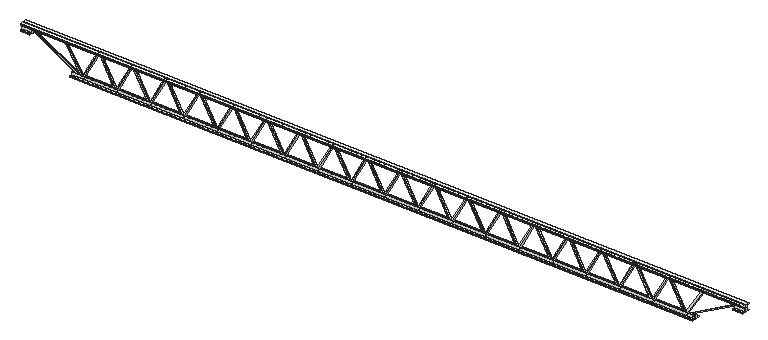
Revit family
Parameters (values of type "12K1")
  Start Offset [instance] = 0 mm
  M = 7.4
  Web Thickness = 9.5 mm
  Seat Length = 100 mm
  Seat Depth = 63.5 mm
  Rendering Material = Metal - Steel - 345 MPa
  PanelWidth [instance] = Depth * 1.155  # 352.275 mm
  PanelArrayNum [instance] = PanelArrayLength / PanelWidth  # 18
  PanelArrayLength [instance] = Length - (2 * End Panel)  # 6180 mm
  Panel [instance] = PanelArrayLength / PanelArrayNum  # 343.333 mm
  Start Extension [instance] = 0 mm
  Keynote = "G10"
  End Panel = 2 * Depth  # 610 mm
  End Offset [instance] = 0 mm
  End Extension [instance] = 0 mm
  Cord Leg = 32 mm
  Chord Thickness = 6.5 mm
  Assembly Code = ""
  Length [instance] = 7400 mm
  Depth = 305 mm
Types (3, lengths in mm): name | M | Rendering Material | PanelWidth | PanelArrayNum | PanelArrayLength | Panel | End Panel | Depth
  (no name) | 7.4 | Metal - Steel - 345 MPa | 352.275 | 18 | 6180 | 343.333 | 610 | 305
  12K1 | 7.4 | Metal - Steel - 345 MPa | 352.275 | 18 | 6180 | 343.333 | 610 | 305
  8K1 | 7.6 | none | 234.465 | 28 | 6588 | 235.286 | 406 | 203
Reference planes
  plane 1 "Center (Front/Back)": y = 0
  plane 2: z = 0
  plane 3 "Center (Left/Right)": x = 4.61
  plane 4 "Member Left": x = -2027.39
  plane 5 "Member Right": x = 2036.61
  plane 6: y = 36.75
  plane 7: y = -36.75
  plane 8: z = 152.5
  plane 9: z = -152.5
  plane 10 "Left": x = -3695.39
  plane 11 "Stick Symbol Left": x = -1976.59
  plane 12 "Stick Symbol Right": x = 1985.81
  plane 13 "Right": x = 3704.61
  plane 14: z = 89
  plane 15: x = -3695.39
  plane 16: x = -3595.39
  plane 17: x = -3085.39
  plane 18: x = -3185.39
  plane 19: x = 3704.61
  plane 20: x = 3604.61
  plane 21: x = 3094.61
  plane 22: y = 4.75
  plane 23: y = -4.75
  plane 24: z = 120.5
  plane 25: z = -120.5
  plane 26: x = 3194.61
  plane 27: x = -3257.057
  plane 28: x = -2913.723
  plane 29: x = 2922.943
  plane 30: x = 3266.277
  plane 31: z = -146.15
  plane 32: z = 146.15
  plane 33: z = 82.55
  plane 34: x = -3695.39
  plane 35: x = 3704.61
Forms (mm)
  Extrusion 1, solid, material "Metal - Steel - 345 MPa" <- "Rendering Material", detail levels medium+fine
    sketch origin (4.61, 0, 0) x (0, 1, 0) y (0, 0, 1)
      loop
        line (36.75, 152.5) -> (4.75, 152.5) -> (4.75, 120.5) -> (11.25, 120.5) -> (11.25, 146) -> (36.75, 146) -> (36.75, 152.5)
      loop
        line (-36.75, 152.5) -> (-36.75, 146) -> (-11.25, 146) -> (-11.25, 120.5) -> (-4.75, 120.5) -> (-4.75, 152.5) -> (-36.75, 152.5)
    from -3700 to 3700
  Extrusion 2, solid, material "Metal - Steel - 345 MPa" <- "Rendering Material", detail levels medium+fine
    sketch origin (4.61, 0, 0) x (0, 1, 0) y (0, 0, 1)
      loop
        line (4.75, -120.5) -> (4.75, -152.5) -> (36.75, -152.5) -> (36.75, -146) -> (11.25, -146) -> (11.25, -120.5) -> (4.75, -120.5)
      loop
        line (-4.75, -120.5) -> (-11.25, -120.5) -> (-11.25, -146) -> (-36.75, -146) -> (-36.75, -152.5) -> (-4.75, -152.5) -> (-4.75, -120.5)
    from -3190 to 3190
  Extrusion 3, solid, material "Metal - Steel - 345 MPa" <- "Rendering Material", detail levels medium+fine
    sketch origin (4.61, 0, 0) x (0, 1, 0) y (0, 0, 1)
      loop
        line (36.75, 89) -> (36.75, 95.5) -> (11.25, 95.5) -> (11.25, 120.5) -> (4.75, 120.5) -> (4.75, 89) -> (36.75, 89)
      loop
        line (-36.75, 89) -> (-4.75, 89) -> (-4.75, 120.5) -> (-11.25, 120.5) -> (-11.25, 95.5) -> (-36.75, 95.5) -> (-36.75, 89)
    from 3600 to 3700
  Extrusion 4, solid, material "Metal - Steel - 345 MPa" <- "Rendering Material", detail levels medium+fine
    sketch origin (4.61, 0, 0) x (0, 1, 0) y (0, 0, 1)
      loop
        line (-36.75, 89) -> (-4.75, 89) -> (-4.75, 120.5) -> (-11.25, 120.5) -> (-11.25, 95.5) -> (-36.75, 95.5) -> (-36.75, 89)
      loop
        line (4.75, 89) -> (36.75, 89) -> (36.75, 95.5) -> (11.25, 95.5) -> (11.25, 120.5) -> (4.75, 120.5) -> (4.75, 89)
    from -3700 to -3600
  Sweep 5, solid, material "Metal - Steel - 345 MPa" <- "Rendering Material", detail levels fine
    path origin (0, 0, 0) x (1, 0, 0) y (0, 0, 1)
      loop
        line (-3277.014, 133.45) -> (-3264.314, 133.45) -> (-3085.39, -146.15)
    profile origin (-3270.664, 0, 133.45) x (0, 0, 1) y (0, -1, 0)
      loop
        line (10.007, -4.763) -> (10.007, 0) -> (-9.043, 0) -> (-9.043, -4.763) -> (10.007, -4.763)
  Sweep 6, solid, material "Metal - Steel - 345 MPa" <- "Rendering Material", detail levels fine
    path origin (0, 0, 0) x (1, 0, 0) y (0, 0, 1)
      loop
        line (-3085.39, -146.15) -> (-3595.39, 120.5) -> (-3695.39, 120.5)
    profile "Web-Profile1 : Web-Profile1" origin (-3645.39, 0, 120.5) x (0, 0, -1) y (0, -1, 0)
      loop
        line (-4.75, 4.75) -> (-4.75, -4.75) -> (4.75, -4.75) -> (4.75, 4.75) -> (-4.75, 4.75)
  Sweep 7, solid, material "Metal - Steel - 345 MPa" <- "Rendering Material", detail levels fine
    path origin (0, 0, 0) x (1, 0, 0) y (0, 0, 1)
      loop
        line (3604.61, 120.5) -> (3094.61, -146.15)
    profile "Web-Profile1 : Web-Profile1" origin (3349.61, 0, -12.825) x (0.463335, 0, -0.886183) y (0, -1, 0)
      loop
        line (-4.75, 4.75) -> (-4.75, -4.75) -> (4.75, -4.75) -> (4.75, 4.75) -> (-4.75, 4.75)
  Sweep 8, solid, material "Metal - Steel - 345 MPa" <- "Rendering Material", detail levels fine
    path origin (0, 0, 0) x (1, 0, 0) y (0, 0, 1)
      loop
        line (3266.277, 120.5) -> (3094.61, -146.15)
    profile origin (3180.443, 0, -12.825) x (0.840821, 0, -0.541313) y (0, -1, 0)
      loop
        line (-10.565, 0) -> (-10.565, -4.763) -> (8.485, -4.763) -> (8.485, 0) -> (-10.565, 0)
Lines and regions (mm)
  symbolic lines, style "StructuralFraming", detail levels coarse
    curve 1: line (0, 36.75, 152.5) -> (0, 4.75, 152.5)
    curve 2: line (0, -36.75, -152.5) -> (0, -4.75, -152.5)
    curve 14: line (0, 4.75, -152.5) -> (0, 36.75, -152.5)
    curve 15: line (4.61, 4.75, -152.5) -> (4.61, 4.75, -120.5)
    curve 16: line (4.61, -4.75, -152.5) -> (4.61, -4.75, -120.5)
    curve 17: line (4.61, -4.75, 152.5) -> (4.61, -4.75, 120.5)
    curve 18: line (4.61, 4.75, 152.5) -> (4.61, 4.75, 120.5)
    curve 19: line (0, -4.75, 152.5) -> (0, -36.75, 152.5)
  symbolic lines, style "StructuralFraming", detail levels coarse+medium
    curve 3: line (0, 0, -152.5) -> (0, 0, 152.5)
  reference lines
    curve 4: line (-1876.59, 0, -276.008) -> (-1876.59, 0, 232.192)
    curve 5: line (-1266.59, 0, -282.358) -> (-1266.59, 0, 232.192)
    curve 7: line (1885.81, 0, -223.088) -> (1885.81, 0, 234.312)
    curve 8: line (1275.81, 0, -350.088) -> (1275.81, 0, 234.312)
  model lines, style "Web Joist", detail levels coarse
    curve 6: line (-1876.59, 0, 152.5) -> (-1266.59, 0, -152.5)
    curve 9: line (1885.81, 0, 152.5) -> (1275.81, 0, -152.5)
    curve 10: line (1275.81, 0, -152.5) -> (-1266.59, 0, -152.5)
    curve 11: line (1985.81, 0, 152.5) -> (-1976.59, 0, 152.5)
  model lines, style "StructuralFraming", detail levels medium
    curve 12: line (-3085.39, 0, -146.15) -> (-3256.027, 0, 120.5)
    curve 13: line (3266.277, 0, 120.5) -> (3094.61, 0, -146.15)
  symbolic lines, detail levels fine
    curve 20: line (4.61, 4.75, 146.15) -> (4.61, -4.75, 146.15)
    curve 21: line (4.61, 4.75, -146.15) -> (4.61, -4.75, -146.15)
    curve 22: line (4.61, 4.75, -120.5) -> (4.61, 4.75, 120.5)
    curve 23: line (4.61, -4.75, -120.5) -> (4.61, -4.75, 120.5)
  model lines, detail levels medium
    curve 24: line (3604.61, 0, 120.5) -> (3094.61, 0, -146.15)
    curve 25: line (-3595.39, 0, 120.5) -> (-3085.39, 0, -146.15)
Dimensions and locks
  equal spacing: plane 9, plane 2, plane 8
  "Length": plane 10 "Left" to plane 13 "Right"
  equal spacing: plane 10 "Left", plane 3 "Center (Left/Right)", plane 13 "Right"
  "Seat Length": curve 4 to plane 11 "Stick Symbol Left"
  "End Panel": curve 5 to curve 4
  "Seat Length": curve 7 to plane 12 "Stick Symbol Right"
  "End Panel": curve 7 to curve 8
  "Depth": plane 9 to plane 8
  "Seat Depth": plane 8 to plane 14
  locked: plane 18 to plane 17 at 100
  "End Panel": plane 10 "Left" to plane 17
  "End Panel": plane 13 "Right" to plane 21
  "Web Thickness": plane 22 to plane 23
  equal spacing: plane 22, plane 1 "Center (Front/Back)", plane 23
  "Cord Leg": plane 23 to plane 7
  "Cord Leg": plane 6 to plane 22
  "Cord Leg": plane 9 to plane 25
  "Cord Leg": plane 24 to plane 8
  "Chord Thickness": plane 8 to Extrusion 1 sketch curve
  "Chord Thickness": Extrusion 1 sketch curve to plane 8
  "Chord Thickness": plane 23 to Extrusion 1 sketch curve
  "Chord Thickness": Extrusion 1 sketch curve to plane 22
  "Chord Thickness": plane 9 to Extrusion 2 sketch curve  (x2)
  "Chord Thickness": Extrusion 2 sketch curve to plane 22
  "Chord Thickness": plane 23 to Extrusion 2 sketch curve
  locked: plane 21 to plane 26 at 100
  "Chord Thickness": plane 14 to Extrusion 3 sketch curve  (x2)
  "Chord Thickness": plane 23 to Extrusion 3 sketch curve
  "Chord Thickness": Extrusion 3 sketch curve to plane 22
  "Chord Thickness": plane 14 to Extrusion 4 sketch curve  (x2)
  "Chord Thickness": Extrusion 4 sketch curve to plane 22
  "Chord Thickness": plane 23 to Extrusion 4 sketch curve
  "Panel": plane 28 to plane 27
  equal spacing: plane 28, plane 17, plane 27
  "Panel": plane 29 to plane 30
  equal spacing: plane 29, plane 21, plane 30
  equal spacing: Sweep 5 sketch curve, curve 4, Sweep 5 sketch curve
  Sweep 5 sketch curve to Sweep 5 sketch curve = 4.763 mm
  locked: plane 31 to plane 9 at 6.35
  locked: plane 8 to plane 32 at 6.35
  locked: plane 8 to Sweep 5 sketch curve at 19.05
  equal spacing: group 1, group 3, group 4, group 5, group 6, group 7, group 8, group 9, group 10, group 11, group 12, group 13, group 14, group 15, group 16, group 17, group 18, group 2  (x3)
  "Seat Length": plane 34 to plane 16
  "Start Offset": plane 10 "Left" to plane 34
  "Start Extension": plane 15 to plane 34
  "End Offset": plane 35 to plane 13 "Right"
  "Seat Length": plane 35 to plane 20
  "End Extension": plane 35 to plane 19
  aligned and locked: curve 10 to plane 9
  aligned and locked: curve 4 to curve 6
  aligned and locked: plane 11 "Stick Symbol Left" to curve 11
  aligned and locked: plane 12 "Stick Symbol Right" to curve 11
  aligned and locked: curve 8 to curve 10
  aligned and locked: plane 8 to Extrusion 1 sketch curve
  aligned and locked: Extrusion 1 sketch curve to plane 8
  aligned and locked: plane 6 to Extrusion 1 sketch curve
  aligned and locked: plane 7 to Extrusion 1 sketch curve
  aligned and locked: Extrusion 1 sketch curve to plane 24
  aligned and locked: plane 24 to Extrusion 1 sketch curve
  aligned and locked: plane 19 to Extrusion 1
  aligned and locked: plane 15 to Extrusion 1
  aligned and locked: plane 9 to Extrusion 2 sketch curve
  aligned and locked: Extrusion 2 sketch curve to plane 9
  aligned and locked: plane 6 to Extrusion 2 sketch curve
  aligned and locked: plane 7 to Extrusion 2 sketch curve
  aligned and locked: Extrusion 2 sketch curve to plane 22
  aligned and locked: Extrusion 2 sketch curve to plane 23
  aligned and locked: Extrusion 2 sketch curve to plane 25
  aligned and locked: plane 25 to Extrusion 2 sketch curve
  aligned and locked: Extrusion 2 to plane 26
  aligned and locked: plane 18 to Extrusion 2
  aligned and locked: Extrusion 3 sketch curve to plane 7
  aligned and locked: plane 14 to Extrusion 3 sketch curve
  aligned and locked: Extrusion 3 sketch curve to plane 14
  aligned and locked: Extrusion 3 sketch curve to plane 6
  aligned and locked: Extrusion 3 sketch curve to plane 23
  aligned and locked: Extrusion 3 sketch curve to plane 22
  aligned and locked: Extrusion 3 sketch curve to plane 24
  aligned and locked: plane 24 to Extrusion 3 sketch curve
  aligned and locked: plane 19 to Extrusion 3
  aligned and locked: Extrusion 3 to plane 20
  aligned and locked: plane 6 to Extrusion 4 sketch curve
  aligned and locked: Extrusion 4 sketch curve to plane 7
  aligned and locked: Extrusion 4 sketch curve to plane 22
  aligned and locked: plane 23 to Extrusion 4 sketch curve
  aligned and locked: plane 24 to Extrusion 4 sketch curve  (x2)
  aligned and locked: Extrusion 4 sketch curve to plane 14  (x2)
  aligned and locked: plane 15 to Extrusion 4
  aligned and locked: plane 16 to Extrusion 4
  aligned and locked: curve 12 to Sweep 5 sketch curve
  aligned and locked: Extrusion 2 to curve 15
  aligned and locked: curve 15 to Extrusion 2
  aligned and locked: curve 2 to curve 16
  aligned and locked: curve 16 to Extrusion 2
  aligned and locked: Extrusion 1 to curve 17
  aligned and locked: curve 17 to Extrusion 1
  aligned and locked: curve 18 to Extrusion 1  (x2)
  aligned and locked: curve 1 to Extrusion 1
  aligned and locked: nested 1 to plane 17
  aligned and locked: plane 1 "Center (Front/Back)" to nested 1
  aligned and locked: nested 2 to plane 21
  aligned and locked: curve 13 to Sweep 8 sketch curve
  aligned and locked: curve 5 to curve 6
  aligned and locked: curve 7 to curve 9
  aligned and locked: plane 20 to curve 24
  aligned and locked: plane 24 to curve 24
  aligned and locked: plane 21 to curve 24
  aligned and locked: plane 31 to curve 24
  aligned and locked: Sweep 7 sketch curve to curve 24
  aligned and locked: plane 30 to curve 13
  aligned and locked: plane 16 to curve 25
  aligned and locked: plane 24 to curve 25
  aligned and locked: plane 17 to curve 25
  aligned and locked: plane 31 to curve 25
  aligned and locked: Sweep 6 sketch curve to curve 25
  aligned and locked: Sweep 6 sketch curve to plane 24
Automatic sketch dimensions
  plane 9 to curve 7 = 70.588 mm
  plane 9 to curve 4 = 123.508 mm
  plane 9 to curve 5 = 129.858 mm
  plane 9 to curve 8 = 197.588 mm
  curve 4 to plane 8 = 79.692 mm
  curve 5 to plane 8 = 79.692 mm
  curve 7 to plane 8 = 81.812 mm
  curve 8 to plane 8 = 81.812 mm
  Extrusion 1 sketch curve to plane 23 = 0 mm
  Extrusion 1 sketch curve to plane 22 = 0 mm
  Sweep 5 sketch curve to plane 17 = 0 mm
  Sweep 5 sketch curve to plane 31 = 0 mm
  Sweep 5 sketch curve to plane 27 = 7.257 mm
  Sweep 5 sketch curve to Sweep 5 sketch curve = 12.7 mm
  curve 14 to plane 6 = 0 mm
  curve 1 to plane 6 = 0 mm
  curve 14 to plane 9 = 0 mm
  curve 14 to plane 22 = 0 mm
  curve 1 to plane 22 = 0 mm
  curve 19 to plane 8 = 0 mm
  curve 19 to plane 23 = 0 mm
  curve 19 to plane 7 = 0 mm
  Sweep 5 sketch curve to plane 1 "Center (Front/Back)" = 0 mm
  profile plane to Sweep 5 sketch curve = 9.043 mm
  Sweep 5 sketch curve to profile plane = 10.007 mm
  Sweep 8 sketch curve to plane 21 = 0 mm
  Sweep 8 sketch curve to plane 24 = 0 mm
  Sweep 8 sketch curve to plane 1 "Center (Front/Back)" = 0 mm
  Sweep 8 sketch curve to plane 1 "Center (Front/Back)" = 4.762 mm
  profile plane to Sweep 8 sketch curve = 10.565 mm
  Sweep 8 sketch curve to profile plane = 8.485 mm
  curve 2 to plane 7 = 0 mm
  curve 2 to plane 9 = 0 mm
  curve 2 to plane 23 = 0 mm
  curve 3 to plane 1 "Center (Front/Back)" = 0 mm
  curve 3 to plane 9 = 0 mm
  curve 21 to plane 31 = 0 mm
  curve 23 to plane 25 = 0 mm
  curve 22 to plane 25 = 0 mm
  curve 18 to plane 24 = 0 mm
  curve 23 to plane 24 = 0 mm
  curve 20 to plane 32 = 0 mm
  curve 3 to plane 8 = 0 mm
  Sweep 7 sketch curve to plane 21 = 0 mm
  Sweep 7 sketch curve to plane 20 = 0 mm
  curve 12 to plane 24 = 0 mm
  curve 13 to plane 24 = 0 mm
  curve 9 to plane 8 = 0 mm
  Sweep 6 sketch curve to plane 34 = 0 mm
  Sweep 6 sketch curve to plane 17 = 0 mm
Nested families
  nested 1: "Angled Web" at (-3085.39, 0, 0), type "Angled Web"
  nested 2: "Angled Web" at (2751.277, 0, 0), type "Angled Web"
  nested 3: "Angled Web" at (-2742.057, 0, 0), type "Angled Web"
  nested 4: "Angled Web" at (-2398.723, 0, 0), type "Angled Web"
  nested 5: "Angled Web" at (-2055.39, 0, 0), type "Angled Web"
  nested 6: "Angled Web" at (-1712.057, 0, 0), type "Angled Web"
  nested 7: "Angled Web" at (-1368.723, 0, 0), type "Angled Web"
  nested 8: "Angled Web" at (-1025.39, 0, 0), type "Angled Web"
  nested 9: "Angled Web" at (-682.057, 0, 0), type "Angled Web"
  nested 10: "Angled Web" at (-338.723, 0, 0), type "Angled Web"
  nested 11: "Angled Web" at (4.61, 0, 0), type "Angled Web"
  nested 12: "Angled Web" at (347.943, 0, 0), type "Angled Web"
  nested 13: "Angled Web" at (691.277, 0, 0), type "Angled Web"
  nested 14: "Angled Web" at (1034.61, 0, 0), type "Angled Web"
  nested 15: "Angled Web" at (1377.943, 0, 0), type "Angled Web"
  nested 16: "Angled Web" at (1721.277, 0, 0), type "Angled Web"
  nested 17: "Angled Web" at (2064.61, 0, 0), type "Angled Web"
  nested 18: "Angled Web" at (2407.943, 0, 0), type "Angled Web"
Definition of nested family "Angled Web"
  Parameters (values of type "Angled Web")
    WebMaterial = none
    Web Thickness = 9.5 mm
    PanelHeight = 305 mm
    PanelWidth = 343.333 mm
    Assembly Code = ""
  Reference planes
    plane 1 "Center (Front/Back)": y = 0
    plane 2: z = 0
    plane 3 "Center (Left/Right)": x = 0
    plane 4: x = 343.333
    plane 5: x = 171.667
    plane 6: z = -152.5
    plane 7: z = -139.8
    plane 8: z = 139.8
    plane 9: z = 152.5
    plane 10: y = -4.75
    plane 11: y = 4.75
    plane 12: z = 114.4
    plane 13: z = -114.4
  Forms (mm)
    Sweep 1, solid, material <- "WebMaterial", detail levels fine
      path in 3D
        loop
          line (0, 0, -139.8) -> (6.35, 0, -139.8) -> (165.317, 0, 139.8) -> (178.017, 0, 139.8)
      profile origin (3.175, 0, -139.8) x (0, 0, 1) y (0, -1, 0)
        loop
          line (9.525, 4.75) -> (-9.525, 4.75) -> (-9.525, 0) -> (9.525, 0) -> (9.525, 4.75)
    Sweep 2, solid, material <- "WebMaterial", detail levels fine
      path origin (0, 0, 0) x (1, 0, 0) y (0, 0, 1)
        loop
          line (31.748, -114.4) -> (161.832, 114.4)
      profile origin (96.79, 0, 0) x (-0.869319, 0, 0.494252) y (0, -1, 0)
        loop
          line (0, 4.763) -> (4.762, 4.763) -> (4.763, 17.463) -> (0, 17.463) -> (0, 4.763)
    Sweep 3, solid, material <- "WebMaterial", detail levels fine
      path in 3D
        loop
          line (343.333, 0, -139.8) -> (336.983, 0, -139.8) -> (178.017, 0, 139.8) -> (165.317, 0, 139.8)
      profile origin (340.158, 0, -139.8) x (0, 0, -1) y (0, -1, 0)
        loop
          line (9.525, -4.75) -> (9.525, 0) -> (-9.525, 0) -> (-9.525, -4.75) -> (9.525, -4.75)
    Sweep 4, solid, material <- "WebMaterial", detail levels fine
      path origin (0, 0, 0) x (1, 0, 0) y (0, 0, 1)
        loop
          line (311.585, -114.4) -> (181.501, 114.4)
      profile origin (246.543, 0, 0) x (-0.869319, 0, -0.494252) y (0, -1, 0)
        loop
          line (-4.762, -17.45) -> (0, -17.45) -> (0, -4.75) -> (-4.762, -4.75) -> (-4.762, -17.45)
  Cuts and joins
    joined: Sweep 1, Sweep 2
  Lines and regions (mm)
    model lines, style "InvisibleLines"
      curve 1: line (0, 0, -152.5) -> (0, 0, 152.5)
      curve 2: line (0, 0, 152.5) -> (343.333, 0, 152.5)
      curve 3: line (343.333, 0, 152.5) -> (343.333, 0, -152.5)
      curve 4: line (343.333, 0, -152.5) -> (0, 0, -152.5)
    model lines, style "StructuralFraming", detail levels medium
      curve 5: line (165.317, 0, 139.8) -> (178.017, 0, 139.8)
      curve 6: line (0, 0, -139.8) -> (6.35, 0, -139.8)
      curve 7: line (343.333, 0, -139.8) -> (336.983, 0, -139.8)
      curve 8: line (6.35, 0, -139.8) -> (165.317, 0, 139.8)
      curve 9: line (178.017, 0, 139.8) -> (336.983, 0, -139.8)
    sketch lines
      curve 10: line (0, 0, -139.8) -> (6.35, 0, -139.8)
      curve 11: line (6.35, 0, -139.8) -> (165.317, 0, 139.8)
      curve 12: line (165.317, 0, 139.8) -> (178.017, 0, 139.8)
      curve 13: line (343.333, 0, -139.8) -> (336.983, 0, -139.8)
      curve 14: line (178.017, 0, 139.8) -> (336.983, 0, -139.8)
      curve 15: line (165.317, 0, 139.8) -> (178.017, 0, 139.8)
  Dimensions and locks
    "PanelWidth": plane 4 to plane 3 "Center (Left/Right)"
    equal spacing: plane 4, plane 5, plane 3 "Center (Left/Right)"
    plane 7 to plane 6 = 12.7 mm
    plane 9 to plane 8 = 12.7 mm
    "PanelHeight": plane 9 to plane 6
    equal spacing: plane 9, plane 2, plane 6
    "Web Thickness": plane 11 to plane 10
    equal spacing: plane 11, plane 1 "Center (Front/Back)", plane 10
    locked: plane 9 to plane 12 at 38.1
    locked: plane 13 to plane 6 at 38.1
    locked: plane 7 to plane 6 at 12.7
    locked: curve 8 to plane 3 "Center (Left/Right)" at 6.35
    locked: curve 9 to plane 4 at 6.35
    curve 8 to plane 5 to curve 9 = 6.35 mm locked, 6.35 mm locked
    locked: plane 7 to Sweep 1 sketch curve at 9.525
    locked: Sweep 1 sketch curve to plane 7 at 9.525
    locked: Sweep 3 sketch curve to profile plane at 9.525
    locked: profile plane to Sweep 3 sketch curve at 9.525
    aligned and locked: plane 8 to curve 5
    aligned and locked: curve 7 to plane 7
    aligned and locked: plane 7 to curve 6
    aligned and locked: plane 9 to curve 2
    aligned and locked: plane 10 to Sweep 1 sketch curve
    aligned and locked: plane 13 to Sweep 2 sketch curve
    aligned and locked: Sweep 1 to Sweep 2 sketch curve
    aligned and locked: Sweep 2 sketch curve to profile plane
    aligned and locked: plane 1 "Center (Front/Back)" to Sweep 3 sketch curve
    aligned and locked: plane 11 to Sweep 3 sketch curve
    aligned and locked: plane 13 to Sweep 4 sketch curve
    aligned and locked: Sweep 4 sketch curve to Sweep 3
    aligned and locked: plane 11 to Sweep 4 sketch curve
    aligned and locked: profile plane to Sweep 4 sketch curve
  Automatic sketch dimensions
    curve 1 to plane 3 "Center (Left/Right)" = 0 mm
    curve 3 to plane 4 = 0 mm
    curve 4 to plane 6 = 0 mm
    Sweep 1 sketch curve to profile plane = 0 mm
    Sweep 2 sketch curve to plane 12 = 0 mm
    Sweep 2 sketch curve to Sweep 2 sketch curve = 4.762 mm
    plane 1 "Center (Front/Back)" to Sweep 2 sketch curve = 4.763 mm
    Sweep 2 sketch curve to Sweep 2 sketch curve = 12.7 mm
    Sweep 4 sketch curve to plane 12 = 0 mm
    Sweep 4 sketch curve to Sweep 4 sketch curve = 4.762 mm
    Sweep 4 sketch curve to Sweep 4 sketch curve = 12.7 mm
